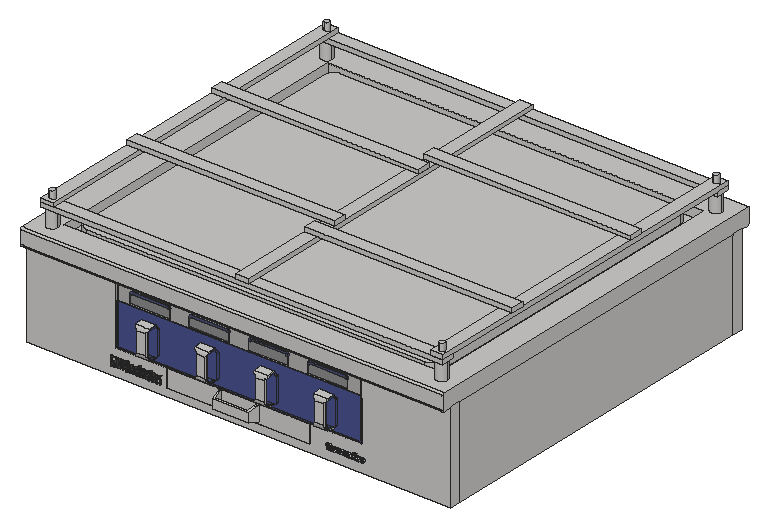
Revit family "QF_ELECTROLUXPROFESSIONAL_589872_MCLDAAJODM", category Specialty Equipment, Revit 2014
Parameters
  Weight in Pounds = 487.22
  URL Cutsheet = ""
  Type Mark [instance] = ""
  Specification by User [instance] = ""
  Specification by Manufacturer = ""
  Serial Number = ""
  Seismic Rating = ""
  SMACNA No = ""
  Revision Code [instance] = ""
  Omniclass Number and Title = ""
  NAFEM Spec ID Number = ""
  Model = "588557"
  Masterspec = ""
  Manufacturer = "Electrolux Professional"
  Item Number [instance] = ""
  Installed By [instance] = ""
  Identify Quantity as Lot [instance] = yes
  Furnished By [instance] = ""
  Foodservice Equipment Identifier [instance] = yes
  Description = ""
  CSI MasterFormat = ""
  CSI Master Format = ""
Reference planes
  plane 1 "BACK": y = 0
  plane 2: z = 0
  plane 3 "LEFT": x = 0
  plane 4 "RIGHT": x = 1000
  plane 5 "FRONT": y = -900
  plane 6 "TOP": z = 900
  plane 7 "Center (Left/Right)": x = 500
  plane 8: y = -425
  plane 9: y = -150
  plane 10: x = 55
  plane 11: x = 945
  plane 12: y = -60
  plane 13: y = -840
  plane 14 "EIx": x = 955
  plane 15 "EIy": y = -685
  plane 16: z = 938
  plane 17 "BaseTop": z = 650
  plane 18: y = -855
Forms (mm)
  Extrusion 1, solid, material "QF_Finishes_Stainless Steel"
    sketch origin (-178.969, -4572, 100) x (-1, 0, 0) y (0, -1, 0)
      loop
        line (-178.969, -4527) -> (-178.969, -3717) -> (-1178.969, -3717) -> (-1178.969, -4527) -> (-178.969, -4527)
    from 550 to 762.969
  Extrusion 2, solid, material "QF_Finishes_Stainless Steel"
    sketch origin (200, -50, 650) x (-1, 0, 0) y (0, -1, 0)
      loop
        circle (-755, 635) r 6.35
    from 0 to -11.851
  Extrusion 3, solid, material "QF_Finishes_Stainless Steel"
    sketch origin (500, 296.4, 1219.2) x (0, 1, 0) y (0, 0, 1)
      loop
        line (-296.4, -319.2) -> (-1191.4, -319.2)
        arc (-1191.4, -319.2) -> (-1194.935, -320.664) -> (-1196.4, -324.2) r 5
        line (-1196.4, -324.2) -> (-1196.4, -355.2)
        arc (-1196.4, -355.2) -> (-1194.971, -358.264) -> (-1191.705, -359.139) r 4
        line (-1191.705, -359.139) -> (-1176.4, -356.231) -> (-316.4, -356.231) -> (-301.094, -359.139)
        arc (-301.094, -359.139) -> (-297.829, -358.264) -> (-296.4, -355.2) r 4
        line (-296.4, -355.2) -> (-296.4, -319.2)
    from -500 to 500
  Extrusion 4, solid, material "QF_Finishes_Stainless Steel"
    sketch origin (0, 0, 900) x (-1, 0, 0) y (0, -1, 0)
      loop
        arc (-100, 80) -> (-85.858, 85.858) -> (-80, 100) r 20
        line (-80, 100) -> (-80, 810)
        arc (-80, 810) -> (-85.858, 824.142) -> (-100, 830) r 20
        line (-100, 830) -> (-900, 830)
        arc (-900, 830) -> (-914.142, 824.142) -> (-920, 810) r 20
        line (-920, 810) -> (-920, 100)
        arc (-920, 100) -> (-914.142, 85.858) -> (-900, 80) r 20
        line (-900, 80) -> (-100, 80)
    from 1 to -20
  Extrusion 5, void
    sketch origin (0, 0, 900) x (-1, 0, 0) y (0, -1, 0)
      loop
        line (-55, 840) -> (-945, 840) -> (-945, 60) -> (-55, 60) -> (-55, 840)
    from 0 to -25
  Extrusion 6, solid, material "QF_Finishes_Stainless Steel"
    sketch origin (500, 296.4, 1219.2) x (0, 1, 0) y (0, 0, 1)
      loop
        line (-341.4, -569.2) -> (-316.4, -569.2) -> (-316.4, -356.231) -> (-341.4, -356.231) -> (-341.4, -569.2)
    from -500 to 500
Cuts and joins
  Extrusion 5 cuts Extrusion 3
Lines and regions (mm)
  symbolic lines
    curve 1: line (0, 0, 100) -> (1000, 0, 100)
    curve 2: line (0, -900, 100) -> (0, 0, 100)
    curve 3: line (1000, -900, 100) -> (0, -900, 100)
    curve 4: line (1000, 0, 100) -> (1000, -900, 100)
    curve 5: arc (100, -80, 0) -> (85.858, -85.858, 0) -> (80, -100, 0) r 20
    curve 6: line (900, -80, 0) -> (515, -80, 0)
    curve 7: line (920, -810, 0) -> (920, -666, 0)
    curve 8: arc (920, -100, 0) -> (914.142, -85.858, 0) -> (900, -80, 0) r 20
    curve 9: line (80, -100, 0) -> (80, -336, 0)
    curve 10: arc (80, -810, 0) -> (85.858, -824.142, 0) -> (100, -830, 0) r 20
    curve 11: line (100, -830, 0) -> (485, -830, 0)
    curve 12: arc (900, -830, 0) -> (914.142, -824.142, 0) -> (920, -810, 0) r 20
    curve 13: line (80, -616, 0) -> (80, -810, 0)
    curve 14: line (80, -366, 0) -> (80, -586, 0)
    curve 15: line (515, -830, 0) -> (900, -830, 0)
    curve 16: line (920, -636, 0) -> (920, -316, 0)
    curve 17: line (920, -286, 0) -> (920, -100, 0)
    curve 18: line (485, -80, 0) -> (100, -80, 0)
Dimensions and locks
  plane 3 "LEFT" to plane 4 "RIGHT" = 1000 mm
  plane 5 "FRONT" to plane 1 "BACK" = 900 mm
  plane 3 "LEFT" to plane 7 "Center (Left/Right)" to plane 4 "RIGHT" = 500 mm, 500 mm
  plane 5 "FRONT" to plane 8 to plane 1 "BACK" = 475 mm, 425 mm
  plane 6 "TOP" to level = 900 mm  (x2)
  plane 1 "BACK" to plane 9 = 150 mm
  plane 1 "BACK" to Extrusion 2 = 685 mm
  locked: plane 14 "EIx" to plane 4 "RIGHT" at 45
  plane 15 "EIy" to plane 1 "BACK" = 685 mm
  plane 16 to plane 6 "TOP" = 38 mm
  plane 12 to plane 1 "BACK" = 60 mm
  plane 5 "FRONT" to plane 13 = 60 mm
  plane 3 "LEFT" to plane 10 = 55 mm
  plane 11 to plane 4 "RIGHT" = 55 mm
  locked: plane 6 "TOP" to plane 17 "BaseTop" at 250
  locked: plane 18 to plane 5 "FRONT" at 45
  aligned and locked: level to plane 2
  aligned and locked: cut or joined group of Extrusion 3, Extrusion 5 to plane 4 "RIGHT"
  aligned and locked: nested 1 to plane 18
  aligned and locked: Extrusion 1 to plane 18
  aligned and locked: plane 3 "LEFT" to nested 1
  aligned and locked: Extrusion 5 sketch curve to plane 10
  aligned and locked: Extrusion 5 sketch curve to plane 13
  aligned and locked: plane 11 to Extrusion 5 sketch curve
  aligned and locked: Extrusion 1 to plane 4 "RIGHT"
Nested families
  nested 1: "Front_Panel_W1000_Four Knobs" at (202.376, -855, 0), type "Front_Panel_W1000_Four Knobs"
  nested 2: "QF_ELECTROLUXPROFESSIONAL_MARINE1000x900_1" at (100, 0, 0), type "QF_ELECTROLUXPROFESSIONAL_MARINE1000x900_1"
    with Type Mark "", Specification by User "", Revision Code "", Item Number "", Installed By "", Identify Quantity as Lot yes, Furnished By "", Foodservice Equipment Identifier yes
Connectors
  electrical at (955, -685, 638.149)
    settings: on Extrusion 2, index 1, voltage 400 V, apparent load 33000 VA, apparent load phase1 0 VA, apparent load phase2 0 VA, apparent load phase3 0 VA, power factor 1, load classification "Other", number of poles 1, system type 30, power factor state 1, is connector primary yes, connector utility no, sub classification motor no, connector description "ELECTRICAL CONNECTION"
Definition of nested family "Front_Panel_W1000_Four Knobs"
  Reference planes
    plane 1 "Center (Front/Back)": y = 0
    plane 2: z = 0
    plane 3 "Center (Left/Right)": x = 297.624
    plane 4 "Left": x = -202.376
    plane 5 "Right": x = 797.624
    plane 6: y = -45
    plane 7: x = 87.624
    plane 8: x = 227.624
    plane 9: y = -310
    plane 10: y = -25
    plane 11: x = -2.376
    plane 12: x = 367.624
    plane 13: x = 507.624
    plane 14: x = 594.715
  Forms (mm)
    Extrusion 1, solid, material "QF_Finishes_Stainless Steel"
      sketch origin (833.217, 829.203, -1.25) x (0, 1, 0) y (0, 0, 1)
        loop
          line (-854.203, 651.25) -> (-829.203, 651.25) -> (-829.203, 864.25) -> (-854.203, 864.25) -> (-854.203, 651.25)
      from -1035.593 to -35.593
    Extrusion 2, void
      sketch origin (0, 0, 0) x (1, 0, 0) y (0, 0, 1)
        loop
          line (7.624, 853.866) -> (7.624, 711.866) -> (587.624, 711.866) -> (587.624, 853.866) -> (7.624, 853.866)
      from 19.387 to 33.951
    Extrusion 3, void
      sketch origin (0, 0, 0) x (1, 0, 0) y (0, 0, 1)
        loop
          line (128.624, 711.866) -> (128.624, 668.866) -> (466.624, 668.866) -> (466.624, 711.866) -> (128.624, 711.866)
      from 19.387 to 25
    Extrusion 4, solid, material "QF_Finishes_Stainless Steel"
      sketch origin (150, 0, 1) x (1, 0, 0) y (0, 0, 1)
        loop
          line (-21.376, 710.866) -> (-21.376, 667.866) -> (316.624, 667.866) -> (316.624, 710.866) -> (-21.376, 710.866)
      from 19.387 to 25
    Extrusion 5, solid, material "QF_Finishes_Stainless Steel"
      sketch origin (150, 0, 1) x (1, 0, 0) y (0, 1, 0)
        loop
          line (106.059, -25) -> (100.966, -25) -> (105.646, -49.075) -> (189.603, -49.075) -> (194.283, -25) -> (189.189, -25) -> (185.481, -44.075) -> (109.767, -44.075) -> (106.059, -25)
      from 672.593 to 705.67
    Extrusion 6, void
      sketch origin (297.624, 0, 1) x (0, 1, 0) y (0, 0, 1)
        loop
          line (-30, 705.67) -> (-30, 710.67) -> (-56.744, 710.67) -> (-56.744, 667.593) -> (-30, 667.593) -> (-30, 672.593) -> (-53.776, 680.318) -> (-53.776, 697.945) -> (-30, 705.67)
      from -50 to 50
    Extrusion 7, solid, material "QF_Door-Drawer Clearances", detail levels coarse
      sketch origin (150, -265, 1) x (1, 0, 0) y (0, 1, 0)
        loop
          line (106.164, -71.744) -> (189.084, -71.744) -> (194.283, -45) -> (316.624, -45) -> (316.624, 240) -> (-21.376, 240) -> (-21.376, -45) -> (100.966, -45) -> (106.164, -71.744)
      from 672.593 to 705.67
    Extrusion 8, void
      sketch origin (297.624, -280, 1) x (0, 1, 0) y (0, 0, 1)
        loop
          line (-30, 705.67) -> (-30, 710.67) -> (-56.744, 710.67) -> (-56.744, 667.593) -> (-30, 667.593) -> (-30, 672.593) -> (-53.776, 680.318) -> (-53.776, 697.945) -> (-30, 705.67)
      from -50 to 50
  Cuts and joins
    Extrusion 2, Extrusion 3 cuts Extrusion 1
    Extrusion 6 cuts Extrusion 5
    Extrusion 6, Extrusion 8 cuts Extrusion 7
  Lines and regions (mm)
    symbolic lines, style "SpecialityEquipmentHiddenLines"
      curve 1: line (128.624, -45, 0) -> (128.624, -310, 0)
      curve 2: line (128.624, -310, 0) -> (466.624, -310, 0)
      curve 3: line (466.624, -310, 0) -> (466.624, -45, 0)
      curve 4: line (128.624, -300, 0) -> (466.624, -300, 0)
      curve 5: line (250.908, -309.701, 0) -> (255.587, -333.776, 0)
      curve 6: line (255.587, -333.776, 0) -> (339.545, -333.776, 0)
      curve 7: line (339.545, -333.776, 0) -> (344.225, -309.701, 0)
      curve 8: line (256.001, -309.701, 0) -> (259.709, -328.776, 0)
      curve 9: line (259.709, -328.776, 0) -> (335.423, -328.776, 0)
      curve 10: line (335.423, -328.776, 0) -> (339.131, -309.701, 0)
  Dimensions and locks
    equal spacing: plane 5 "Right", plane 3 "Center (Left/Right)", plane 4 "Left"
    plane 5 "Right" to plane 4 "Left" = 1000 mm
    plane 3 "Center (Left/Right)" to plane 7 = 210 mm
    plane 3 "Center (Left/Right)" to plane 8 = 70 mm
    plane 6 to plane 9 = 265 mm
    plane 13 to plane 3 "Center (Left/Right)" = 210 mm
    plane 12 to plane 3 "Center (Left/Right)" = 70 mm
    aligned and locked: cut or joined group of Extrusion 1, Extrusion 2, Extrusion 3 to plane 4 "Left"
    aligned and locked: plane 5 "Right" to cut or joined group of Extrusion 1, Extrusion 2, Extrusion 3
    aligned and locked: plane 3 "Center (Left/Right)" to nested 2
    aligned and locked: cut or joined group of Extrusion 1, Extrusion 2, Extrusion 3 to nested 2
  Automatic sketch dimensions
    plane 7 to Extrusion 3 sketch curve = 41 mm
    plane 3 "Center (Left/Right)" to Extrusion 3 sketch curve = 169 mm
    level to Extrusion 3 sketch curve = 668.866 mm
    Extrusion 3 sketch curve to Extrusion 3 sketch curve = 43 mm
    Extrusion 1 sketch curve to plane 1 "Center (Front/Back)" = 0 mm
    level to Extrusion 1 sketch curve = 650 mm
    plane 4 "Left" to Extrusion 2 sketch curve = 210 mm
    Extrusion 2 sketch curve to plane 5 "Right" = 210 mm
    level to Extrusion 2 sketch curve = 711.866 mm
    Extrusion 2 sketch curve to Extrusion 2 sketch curve = 142 mm
    plane 6 to curve 1 = 0 mm
    plane 6 to curve 3 = 0 mm
    plane 9 to curve 1 = 0 mm
    plane 7 to curve 1 = 41 mm
    curve 1 to curve 4 = 10 mm
    Extrusion 1 sketch curve to plane 6 = 20 mm
    Extrusion 1 sketch curve to Extrusion 1 sketch curve = 213 mm
    plane 7 to Extrusion 4 sketch curve = 41 mm
    Extrusion 4 sketch curve to plane 13 = 41 mm
    level to Extrusion 4 sketch curve = 668.866 mm
    Extrusion 4 sketch curve to Extrusion 4 sketch curve = 43 mm
    plane 10 to Extrusion 5 sketch curve = 0 mm  (x2)
    plane 8 to Extrusion 5 sketch curve = 23.342 mm
    plane 6 to Extrusion 5 sketch curve = 4.075 mm
    Extrusion 5 sketch curve to Extrusion 5 sketch curve = 4.68 mm
    Extrusion 5 sketch curve to Extrusion 5 sketch curve = 5.094 mm  (x2)
    Extrusion 5 sketch curve to plane 6 = 0.925 mm
    Extrusion 5 sketch curve to Extrusion 5 sketch curve = 4.122 mm  (x2)
    Extrusion 5 sketch curve to plane 12 = 32.143 mm
    Extrusion 5 sketch curve to Extrusion 5 sketch curve = 3.708 mm
    plane 6 to Extrusion 6 sketch curve = 11.744 mm
    plane 6 to Extrusion 6 sketch curve = 8.776 mm
    plane 10 to Extrusion 6 sketch curve = 5 mm  (x2)
    level to Extrusion 6 sketch curve = 668.593 mm
    Extrusion 6 sketch curve to Extrusion 6 sketch curve = 5 mm
    Extrusion 6 sketch curve to Extrusion 6 sketch curve = 12.725 mm  (x2)
    Extrusion 6 sketch curve to Extrusion 6 sketch curve = 17.627 mm
    Extrusion 6 sketch curve to Extrusion 6 sketch curve = 7.725 mm
    plane 10 to Extrusion 7 sketch curve = 0 mm
    Extrusion 7 sketch curve to plane 9 = 0 mm  (x2)
    plane 7 to Extrusion 7 sketch curve = 41 mm
    plane 8 to Extrusion 7 sketch curve = 23.342 mm
    Extrusion 7 sketch curve to Extrusion 7 sketch curve = 5.199 mm
    Extrusion 7 sketch curve to plane 12 = 28.54 mm
    Extrusion 7 sketch curve to plane 12 = 23.342 mm
    Extrusion 7 sketch curve to plane 13 = 41 mm
    Extrusion 7 sketch curve to plane 9 = 26.744 mm
    Extrusion 8 sketch curve to plane 9 = 0 mm  (x2)
    Extrusion 8 sketch curve to plane 9 = 23.776 mm
    Extrusion 8 sketch curve to Extrusion 8 sketch curve = 2.968 mm
    level to Extrusion 8 sketch curve = 668.593 mm
    Extrusion 8 sketch curve to Extrusion 8 sketch curve = 5 mm
    Extrusion 8 sketch curve to Extrusion 8 sketch curve = 12.725 mm  (x2)
    Extrusion 8 sketch curve to Extrusion 8 sketch curve = 17.627 mm
    Extrusion 8 sketch curve to Extrusion 8 sketch curve = 7.725 mm
    curve 3 to plane 13 = 41 mm
    plane 9 to curve 5 = 0.299 mm
    plane 8 to curve 5 = 23.283 mm
    curve 5 to curve 5 = 4.68 mm
    plane 9 to curve 8 = 0.299 mm
    curve 5 to curve 8 = 5.094 mm
    curve 5 to curve 9 = 4.122 mm
    curve 9 to plane 12 = 32.201 mm
    plane 9 to curve 10 = 0.299 mm
    curve 9 to curve 10 = 3.708 mm
    curve 9 to curve 7 = 4.122 mm
    plane 9 to curve 7 = 0.299 mm
    curve 10 to curve 7 = 5.094 mm
    curve 9 to plane 9 = 18.776 mm
    curve 6 to curve 8 = 5 mm
  Nested families
    nested 1: "Range Control Handle" at (87.624, -28.137, -209.113) x (-1, 0, 0) z (0, 0, 1), type "Range Control Handle"
    nested 2: "Front glass control panel W1000" at (297.624, 280.644, 2.752), type "Front glass control panel W1000"
    nested 3: "Range Control Handle" at (227.624, -28.137, -209.113) x (-1, 0, 0) z (0, 0, 1), type "Range Control Handle"
    nested 4: "Range Control Handle" at (367.624, -28.137, -209.113), type "Range Control Handle"
    nested 5: "Range Control Handle" at (507.624, -28.137, -209.113), type "Range Control Handle"
    nested 6: "ELX_ThermaLine_Small" at (546.122, -25, 679.426) x (1, 0, 0) z (0, -1, 0), type "ELX_ThermaLine_Small"
      with Show Logo yes, Material_Logo QF_Finishes_Black
    nested 7: "ELX_Professional_Logo_Small" at (57.11, -25, 681.659) x (1, 0, 0) z (0, -1, 0), type "ELX_Professional_Logo_Small"
      with Show Logo yes, Material_Logo QF_Finishes_Black
  Definition of nested family "Range Control Handle"
    Reference planes
      plane 1 "Center (Front/Back)": y = 0
      plane 2: z = 0
      plane 3 "Center (Left/Right)": x = 0
      plane 4: z = 971.092
      plane 5: y = -16.9
    Forms (mm)
      Extrusion 1, solid, material "QF_Finishes_Electrolux Cyan"
        sketch origin (-746.28, 380.497, 208.931) x (-1, 0, 0) y (0, 0, 1)
          loop
            line (-770.101, 786.798) -> (-770.101, 731.649)
            arc (-770.101, 731.649) -> (-769.759, 730.563) -> (-768.855, 729.87) r 1.893
            line (-768.855, 729.87) -> (-763.474, 727.911) -> (-729.81, 727.911) -> (-724.428, 729.87)
            arc (-724.428, 729.87) -> (-723.525, 730.563) -> (-723.183, 731.649) r 1.893
            line (-723.183, 731.649) -> (-723.183, 786.798)
            arc (-723.183, 786.798) -> (-723.529, 787.894) -> (-724.44, 788.593) r 1.91
            line (-724.44, 788.593) -> (-729.683, 790.819) -> (-763.601, 790.819) -> (-768.844, 788.593)
            arc (-768.844, 788.593) -> (-769.755, 787.894) -> (-770.101, 786.798) r 1.91
        from -382.35 to -378.852
      Sweep 2, solid, material "QF_Finishes_Electrolux Cyan"
        path origin (-746.788, 380.496, 208.091) x (0, -1, 0) y (0, 0, 1)
          loop
            line (379.775, 793.281) -> (395.661, 791.048)
            arc (395.661, 791.048) -> (397.781, 787.377) -> (398.517, 783.202) r 12.207
            line (398.517, 783.202) -> (398.517, 737.368)
            arc (398.517, 737.368) -> (397.781, 733.193) -> (395.661, 729.522) r 12.207
            line (395.661, 729.522) -> (379.775, 727.289)
        profile origin (-746.788, -7.222, 1000.256) x (0, -0.139173, 0.990268) y (-1, 0, 0)
          loop
            line (0.782, -763.123) -> (0.782, -730.907) -> (-1.322, -730.907) -> (-1.322, -763.123) -> (0.782, -763.123)
      Sweep 3, solid, material "QF_Finishes_Stainless Steel"
        path origin (-746.788, 380.715, 207.832) x (0, -1, 0) y (0, 0, 1)
          loop
            line (380.478, 795.442) -> (397.218, 793.09)
            arc (397.218, 793.09) -> (399.929, 788.473) -> (400.871, 783.202) r 15.207
            line (400.871, 783.202) -> (400.871, 737.584)
            arc (400.871, 737.584) -> (399.914, 732.274) -> (397.164, 727.633) r 15.207
            line (397.164, 727.633) -> (380.601, 725.305)
        profile origin (-746.788, -8.132, 1002.099) x (0, -0.139173, 0.990268) y (-1, 0, 0)
          loop
            line (0.782, -763.123) -> (0.782, -730.907) -> (-1.322, -730.907) -> (-1.322, -763.123) -> (0.782, -763.123)
      Extrusion 4, void
        sketch origin (889.253, 220.666, 207.993) x (1, 0, 0) y (0, 0, 1)
          loop
            line (-943.038, 816.854) -> (-943.038, 703.686) -> (-899.466, 734.196) -> (-899.466, 786.344) -> (-943.038, 816.854)
        from 230.636 to 242.25
      Extrusion 5, void
        sketch origin (-888.8, 220.666, 207.993) x (-1, 0, 0) y (0, 0, -1)
          loop
            line (-943.038, -816.854) -> (-899.466, -786.344) -> (-899.466, -734.196) -> (-943.038, -703.686) -> (-943.038, -816.854)
        from 230.636 to 242.25
      Extrusion 6, solid, material "QF_Finishes_Electrolux Cyan"
        sketch origin (0, 0, 0) x (1, 0, 0) y (0, 0, 1)
          loop
            circle (0, 971.092) r 7.736
        from -3.137 to -1.645
    Cuts and joins
      Extrusion 4, Extrusion 5 cuts Sweep 3
      Extrusion 4, Extrusion 5 cuts Sweep 2
      joined: Extrusion 1, Extrusion 6
    Lines and regions (mm)
      symbolic lines
        curve 1: line (16.334, -16.9, 0) -> (16.334, -19.227, 0)
        curve 2: spline (16.334, -19.227, 0) -> (15.87, -19.385, 0) -> (15.404, -19.536, 0) -> (14.936, -19.678, 0) -> (14.466, -19.813, 0) -> (13.995, -19.94, 0) -> (13.523, -20.059, 0) -> (13.049, -20.171, 0) -> (12.575, -20.274, 0) -> (12.099, -20.37, 0) -> (11.622, -20.458, 0) -> (11.144, -20.537, 0) -> (10.666, -20.609, 0)
        curve 3: line (10.666, -16.9, 0) -> (10.666, -20.938, 0)
        curve 4: line (-10.213, -20.938, 0) -> (10.666, -20.938, 0)
        curve 5: line (-10.213, -20.938, 0) -> (-10.213, -16.9, 0)
        curve 6: spline (-10.213, -20.609, 0) -> (-10.691, -20.537, 0) -> (-11.169, -20.458, 0) -> (-11.646, -20.37, 0) -> (-12.122, -20.274, 0) -> (-12.597, -20.171, 0) -> (-13.07, -20.059, 0) -> (-13.542, -19.94, 0) -> (-14.013, -19.813, 0) -> (-14.483, -19.678, 0) -> (-14.951, -19.536, 0) -> (-15.417, -19.385, 0) -> (-15.881, -19.227, 0)
        curve 7: line (-15.881, -19.227, 0) -> (-15.881, -16.9, 0)
  Definition of nested family "Front glass control panel W1000"
    Reference planes
      plane 1 "Center (Front/Back)": y = 0
      plane 2: z = 0
      plane 3 "Center (Left/Right)": x = 0
    Forms (mm)
      Extrusion 1, solid, material "QF_Finishes_Electrolux Cyan"
        sketch origin (378.286, 0, 0.617) x (1, 0, 0) y (0, 0, 1)
          loop
            line (-668.286, 806.791) -> (-668.286, 708.497) -> (-88.286, 708.497) -> (-88.286, 806.791) -> (-668.286, 806.791)
        from 300.031 to 304.8
      Extrusion 2, solid, material "QF_Finishes_Electrolux_Black"
        sketch origin (378.286, 0, 0.617) x (1, 0, 0) y (0, 0, 1)
          loop
            line (-668.286, 850.497) -> (-668.286, 806.791) -> (-88.286, 806.791) -> (-88.286, 850.497) -> (-668.286, 850.497)
        from 300.031 to 304.8
      Extrusion 3, void
        sketch origin (378.286, 0, 0.617) x (1, 0, 0) y (0, 0, 1)
          loop
            line (-665.628, 847.565) -> (-665.628, 710.699) -> (-91.196, 710.699) -> (-91.196, 847.565) -> (-665.628, 847.565)
        from 303.697 to 304.8
      Extrusion 4, solid, material "QF_Finishes_Electrolux_Black Smoke Iluminated"
        sketch origin (-378.333, 1.101, -0.633) x (-1, 0, 0) y (0, 0, -1)
          loop
            line (-261.431, -812.62) -> (-355.186, -812.62) -> (-355.186, -834.177) -> (-350.269, -834.177) -> (-348.469, -835.977) -> (-268.039, -835.977) -> (-266.24, -834.177) -> (-261.431, -834.177) -> (-261.431, -812.62)
        from 304.798 to 306.745
      Extrusion 5, solid, material "QF_Finishes_Electrolux_Royal Blue Illuminated"
        sketch origin (-378.333, 1.101, -0.633) x (-1, 0, 0) y (0, 0, -1)
          loop
            line (-350.269, -834.177) -> (-355.078, -834.177)
            arc (-355.078, -834.177) -> (-353.942, -838.747) -> (-349.686, -840.763) r 5.5
            line (-349.686, -840.763) -> (-266.98, -840.763)
            arc (-266.98, -840.763) -> (-262.706, -838.752) -> (-261.529, -834.177) r 5.549
            line (-261.529, -834.177) -> (-266.24, -834.177) -> (-268.039, -835.977) -> (-348.469, -835.977) -> (-350.269, -834.177)
        from 304.798 to 306.745
      Extrusion 6, solid, material "QF_Finishes_Electrolux_Black Smoke Iluminated"
        sketch origin (-518.333, 1.101, -0.633) x (-1, 0, 0) y (0, 0, -1)
          loop
            line (-261.431, -812.62) -> (-355.186, -812.62) -> (-355.186, -834.177) -> (-350.269, -834.177) -> (-348.469, -835.977) -> (-268.039, -835.977) -> (-266.24, -834.177) -> (-261.431, -834.177) -> (-261.431, -812.62)
        from 304.798 to 306.745
      Extrusion 7, solid, material "QF_Finishes_Electrolux_Royal Blue Illuminated"
        sketch origin (-518.333, 1.101, -0.633) x (-1, 0, 0) y (0, 0, -1)
          loop
            line (-350.269, -834.177) -> (-355.078, -834.177)
            arc (-355.078, -834.177) -> (-353.942, -838.747) -> (-349.686, -840.763) r 5.5
            line (-349.686, -840.763) -> (-266.98, -840.763)
            arc (-266.98, -840.763) -> (-262.706, -838.752) -> (-261.529, -834.177) r 5.549
            line (-261.529, -834.177) -> (-266.24, -834.177) -> (-268.039, -835.977) -> (-348.469, -835.977) -> (-350.269, -834.177)
        from 304.798 to 306.745
      Extrusion 8, solid, material "QF_Finishes_Electrolux_Black Smoke Iluminated"
        sketch origin (378.333, 1.101, -0.633) x (1, 0, 0) y (0, 0, 1)
          loop
            line (-261.431, 812.62) -> (-261.431, 834.177) -> (-266.24, 834.177) -> (-268.039, 835.977) -> (-348.469, 835.977) -> (-350.269, 834.177) -> (-355.186, 834.177) -> (-355.186, 812.62) -> (-261.431, 812.62)
        from 304.798 to 306.745
      Extrusion 9, solid, material "QF_Finishes_Electrolux_Royal Blue Illuminated"
        sketch origin (378.333, 1.101, -0.633) x (1, 0, 0) y (0, 0, 1)
          loop
            line (-350.269, 834.177) -> (-348.469, 835.977) -> (-268.039, 835.977) -> (-266.24, 834.177) -> (-261.529, 834.177)
            arc (-261.529, 834.177) -> (-262.706, 838.752) -> (-266.98, 840.763) r 5.549
            line (-266.98, 840.763) -> (-349.686, 840.763)
            arc (-349.686, 840.763) -> (-353.942, 838.747) -> (-355.078, 834.177) r 5.5
            line (-355.078, 834.177) -> (-350.269, 834.177)
        from 304.798 to 306.745
      Extrusion 10, solid, material "QF_Finishes_Electrolux_Black Smoke Iluminated"
        sketch origin (518.333, 1.101, -0.633) x (1, 0, 0) y (0, 0, 1)
          loop
            line (-261.431, 812.62) -> (-261.431, 834.177) -> (-266.24, 834.177) -> (-268.039, 835.977) -> (-348.469, 835.977) -> (-350.269, 834.177) -> (-355.186, 834.177) -> (-355.186, 812.62) -> (-261.431, 812.62)
        from 304.798 to 306.745
      Extrusion 11, solid, material "QF_Finishes_Electrolux_Royal Blue Illuminated"
        sketch origin (518.333, 1.101, -0.633) x (1, 0, 0) y (0, 0, 1)
          loop
            line (-350.269, 834.177) -> (-348.469, 835.977) -> (-268.039, 835.977) -> (-266.24, 834.177) -> (-261.529, 834.177)
            arc (-261.529, 834.177) -> (-262.706, 838.752) -> (-266.98, 840.763) r 5.549
            line (-266.98, 840.763) -> (-349.686, 840.763)
            arc (-349.686, 840.763) -> (-353.942, 838.747) -> (-355.078, 834.177) r 5.5
            line (-355.078, 834.177) -> (-350.269, 834.177)
        from 304.798 to 306.745
    Cuts and joins
      Extrusion 3 cuts Extrusion 1
      Extrusion 3 cuts Extrusion 2
    Dimensions and locks
      aligned and locked: Extrusion 1 to Extrusion 2
      aligned and locked: Extrusion 5 sketch curve to Extrusion 4  (x5)
      aligned and locked: Extrusion 5 to Extrusion 4
      aligned and locked: Extrusion 7 sketch curve to Extrusion 6  (x5)
      aligned and locked: Extrusion 7 to Extrusion 6
      aligned and locked: Extrusion 9 sketch curve to Extrusion 8  (x4)
      aligned and locked: Extrusion 8 to Extrusion 9 sketch curve
      aligned and locked: Extrusion 9 to Extrusion 8
      aligned and locked: Extrusion 11 sketch curve to Extrusion 10  (x4)
      aligned and locked: Extrusion 10 to Extrusion 11 sketch curve
      aligned and locked: Extrusion 11 to Extrusion 10
  Definition of nested family "ELX_ThermaLine_Small"
    Parameters (values of type "ELX_ThermaLine_Small")
      Show Logo [instance] = yes
      Material_Logo [instance] = QF_Finishes_Black
      Default Elevation = 0 mm
    Reference planes
      plane 1 "Centro (Fronte/Retro)": y = 0
      plane 2: z = 0
      plane 3 "Centro (Sinistra/Destra)": x = 0
    Forms (mm)
      Extrusion 1, solid
        sketch origin (0, 0, 0) x (1, 0, 0) y (0, 1, 0)
          loop
            line (-1219.2, 1219.2) -> (-1219.2, -1219.2) -> (1219.2, -1219.2) -> (1219.2, 1219.2) -> (-1219.2, 1219.2)
        from 0 to -304.8
      Extrusion 2, solid, material "QF_Finishes_White"
        sketch origin (0, 0, 0) x (1, 0, 0) y (0, 1, 0)
          loop
            line (-37.494, 1.229) -> (-35.908, 1.229) -> (-35.908, 3.066) -> (-37.494, 3.066) -> (-37.494, 6.221) -> (-39.867, 4.881) -> (-39.867, 3.066) -> (-40.969, 3.066) -> (-40.969, 1.229) -> (-39.867, 1.229) -> (-39.867, -3.407)
            arc (-39.867, -3.407) -> (-38.982, -5.513) -> (-36.751, -6.001) r 2.478
            line (-36.751, -6.001) -> (-35.638, -5.7) -> (-35.9, -3.835) -> (-36.661, -4.039)
            arc (-36.661, -4.039) -> (-37.236, -3.924) -> (-37.494, -3.399) r 0.662
            line (-37.494, -3.399) -> (-37.494, 1.229)
          loop
            line (-34.242, 6.539) -> (-34.242, -5.848) -> (-31.854, -5.848) -> (-31.854, -0.078)
            arc (-31.854, -0.078) -> (-30.939, 1.249) -> (-29.33, 1.367) r 1.866
            arc (-29.33, 1.367) -> (-28.695, 0.768) -> (-28.461, -0.073) r 1.627
            line (-28.461, -0.073) -> (-28.461, -5.848) -> (-26.086, -5.848) -> (-26.064, -0.46)
            arc (-26.064, -0.46) -> (-26.261, 0.932) -> (-26.786, 2.237) r 5.825
            arc (-26.786, 2.237) -> (-29.381, 3.264) -> (-31.854, 1.971) r 3.353
            line (-31.854, 1.971) -> (-31.854, 6.539) -> (-34.242, 6.539)
          loop
            arc (-18.398, -0.598) -> (-18.893, 0.879) -> (-20.326, 1.487) r 1.897
            arc (-20.326, 1.487) -> (-21.461, 0.708) -> (-21.897, -0.598) r 2.164
            line (-21.897, -0.598) -> (-18.398, -0.598)
          loop
            arc (-16.021, -2.044) -> (-16.754, 1.227) -> (-19.444, 3.226) r 4.814
            arc (-19.444, 3.226) -> (-22.137, 2.788) -> (-23.943, 0.743) r 4.054
            arc (-23.943, 0.743) -> (-24.382, -1.249) -> (-24.162, -3.276) r 6.289
            arc (-24.162, -3.276) -> (-23.302, -4.71) -> (-21.958, -5.705) r 4.28
            arc (-21.958, -5.705) -> (-18.558, -5.814) -> (-16.152, -3.409) r 4.28
            line (-16.152, -3.409) -> (-18.5, -2.995)
            arc (-18.5, -2.995) -> (-19.273, -3.994) -> (-20.533, -4.076) r 1.536
            arc (-20.533, -4.076) -> (-21.56, -3.281) -> (-21.958, -2.044) r 2.197
            line (-21.958, -2.044) -> (-16.021, -2.044)
          loop
            line (-14.165, -5.848) -> (-11.819, -5.848) -> (-11.819, -2.138)
            arc (-11.819, -2.138) -> (-11.787, -1.156) -> (-11.637, -0.185) r 8.18
            arc (-11.637, -0.185) -> (-10.644, 0.972) -> (-9.132, 0.776) r 1.603
            line (-9.132, 0.776) -> (-8.419, 2.846)
            arc (-8.419, 2.846) -> (-10.432, 3.118) -> (-11.994, 1.821) r 2.527
            line (-11.994, 1.821) -> (-11.994, 3.094) -> (-14.165, 3.094) -> (-14.165, -5.848)
          loop
            line (-7.579, 3.094) -> (-7.579, -5.848) -> (-5.178, -5.848) -> (-5.178, -0.756)
            arc (-5.178, -0.756) -> (-4.727, 0.679) -> (-3.417, 1.419) r 2.05
            arc (-3.417, 1.419) -> (-2.499, 0.908) -> (-2.155, -0.085) r 1.471
            line (-2.155, -0.085) -> (-2.155, -5.848) -> (0.23, -5.848) -> (0.23, -1.001)
            arc (0.23, -1.001) -> (0.47, 0.127) -> (1.148, 1.061) r 2.775
            arc (1.148, 1.061) -> (2.225, 1.329) -> (3.05, 0.587) r 1.182
            arc (3.05, 0.587) -> (3.199, -0.019) -> (3.214, -0.642) r 2.894
            line (3.214, -0.642) -> (3.214, -5.848) -> (5.601, -5.848) -> (5.601, 0.261)
            arc (5.601, 0.261) -> (4.87, 2.263) -> (2.976, 3.241) r 2.932
            arc (2.976, 3.241) -> (1.284, 2.973) -> (-0.047, 1.896) r 3.309
            arc (-0.047, 1.896) -> (-1.116, 2.865) -> (-2.506, 3.258) r 3.16
            arc (-2.506, 3.258) -> (-4.105, 2.942) -> (-5.376, 1.92) r 3.419
            line (-5.376, 1.92) -> (-5.376, 3.094) -> (-7.579, 3.094)
          loop
            line (7.583, 0.738) -> (9.702, 0.364)
            arc (9.702, 0.364) -> (11.441, 1.492) -> (12.855, -0.023) r 1.613
            line (12.855, -0.023) -> (9.782, -0.789)
            arc (9.782, -0.789) -> (8.559, -1.346) -> (7.617, -2.305) r 3.687
            arc (7.617, -2.305) -> (7.499, -3.681) -> (7.901, -5.003) r 3.651
            arc (7.901, -5.003) -> (9.107, -5.766) -> (10.515, -6.006) r 3.635
            arc (10.515, -6.006) -> (11.898, -5.697) -> (13.067, -4.895) r 3.734
            line (13.067, -4.895) -> (13.376, -5.848) -> (15.75, -5.848) -> (15.212, -4.193) -> (15.212, 0.38)
            arc (15.212, 0.38) -> (14.897, 1.849) -> (13.818, 2.895) r 2.585
            arc (13.818, 2.895) -> (11.792, 3.442) -> (9.719, 3.11) r 5.005
            arc (9.719, 3.11) -> (8.369, 2.178) -> (7.583, 0.738) r 3.54
          loop
            line (19.723, -5.848) -> (22.233, -5.848) -> (24.854, 6.484) -> (22.345, 6.484) -> (19.723, -5.848)
          loop
            line (24.583, -5.848) -> (26.953, -5.848) -> (28.848, 3.066) -> (26.478, 3.066) -> (24.583, -5.848)
          loop
            line (27.204, 6.484) -> (26.741, 4.305) -> (29.111, 4.305) -> (29.575, 6.484) -> (27.204, 6.484)
          loop
            line (29.355, -5.848) -> (31.849, -5.848) -> (33.098, 0.028)
            arc (33.098, 0.028) -> (34.169, 1.306) -> (35.832, 1.422) r 2.132
            arc (35.832, 1.422) -> (36.324, 0.752) -> (36.383, -0.078) r 1.5
            line (36.383, -0.078) -> (35.157, -5.848) -> (37.536, -5.848) -> (38.936, 0.738)
            arc (38.936, 0.738) -> (38.775, 2.091) -> (37.825, 3.066) r 2.118
            arc (37.825, 3.066) -> (35.392, 3.175) -> (33.295, 1.937) r 4.271
            line (33.295, 1.937) -> (33.535, 3.066) -> (31.25, 3.066) -> (29.355, -5.848)
          loop
            line (42.792, -0.64) -> (46.589, -0.64)
            arc (46.589, -0.64) -> (46.639, 0.124) -> (46.327, 0.823) r 1.589
            arc (46.327, 0.823) -> (45.117, 1.521) -> (43.762, 1.183) r 1.865
            arc (43.762, 1.183) -> (43.141, 0.344) -> (42.792, -0.64) r 3.538
          loop
            line (42.565, -2.138) -> (48.593, -2.138)
            arc (48.593, -2.138) -> (48.58, 0.597) -> (46.983, 2.818) r 4.494
            arc (46.983, 2.818) -> (44.191, 3.28) -> (41.725, 1.891) r 4.26
            arc (41.725, 1.891) -> (40.503, -0.3) -> (40.284, -2.799) r 6.003
            arc (40.284, -2.799) -> (40.959, -4.468) -> (42.377, -5.576) r 3.482
            arc (42.377, -5.576) -> (44.265, -5.961) -> (46.152, -5.576) r 4.823
            arc (46.152, -5.576) -> (47.432, -4.731) -> (48.328, -3.485) r 4.245
            line (48.328, -3.485) -> (46.168, -3.105)
            arc (46.168, -3.105) -> (45.214, -4.072) -> (43.859, -4.181) r 1.953
            arc (43.859, -4.181) -> (42.821, -3.408) -> (42.565, -2.138) r 1.81
          loop
            line (12.868, -1.553) -> (10.216, -2.214)
            arc (10.216, -2.214) -> (9.747, -3.136) -> (10.216, -4.058) r 1.14
            arc (10.216, -4.058) -> (11.537, -4.249) -> (12.614, -3.46) r 1.763
            arc (12.614, -3.46) -> (12.858, -2.522) -> (12.868, -1.553) r 3.97
        from 0 to 1.6
    Dimensions and locks
      aligned and locked: plane 2 to Extrusion 1
      aligned and locked: level to Extrusion 1
  Definition of nested family "ELX_Professional_Logo_Small"
    Parameters (values of type "ELX_Professional_Logo_Small")
      Show Logo [instance] = yes
      Material_Logo [instance] = QF_Finishes_Black
      Default Elevation = 0 mm
    Reference planes
      plane 1 "Centro (Fronte/Retro)": y = 0
      plane 2: z = 0
      plane 3 "Centro (Sinistra/Destra)": x = 0
    Forms (mm)
      Extrusion 1, solid
        sketch origin (0, 0, 0) x (1, 0, 0) y (0, 1, 0)
          loop
            line (-1219.2, 1219.2) -> (-1219.2, -1219.2) -> (1219.2, -1219.2) -> (1219.2, 1219.2) -> (-1219.2, 1219.2)
        from 0 to -304.8
      Extrusion 2, solid, material "QF_Finishes_Black" <- "Material_Logo"
        sketch origin (15.5, 0, 0) x (1, 0, 0) y (0, 1, 0)
          loop
            spline (-42.99, -1.24) -> (-43.195, -1.231) -> (-43.415, -1.203) -> (-43.642, -1.152) -> (-43.87, -1.074) -> (-44.095, -0.966) -> (-44.309, -0.825) -> (-44.506, -0.647) -> (-44.681, -0.429) -> (-44.828, -0.167) -> (-44.94, 0.142) -> (-45.011, 0.501) -> (-45.037, 0.915)
            line (-45.037, 0.915) -> (-45.037, 2.748) -> (-38.984, 2.748) -> (-38.984, 5.086) -> (-45.038, 5.086) -> (-45.038, 8.489) -> (-38.599, 8.489) -> (-38.599, 10.82) -> (-47.515, 10.82) -> (-47.515, 1.021)
            spline (-47.515, 1.021) -> (-47.493, 0.418) -> (-47.425, -0.15) -> (-47.311, -0.682) -> (-47.15, -1.175) -> (-46.939, -1.628) -> (-46.678, -2.038) -> (-46.365, -2.404) -> (-46, -2.723) -> (-45.58, -2.995) -> (-45.105, -3.216) -> (-44.573, -3.385) -> (-43.983, -3.499)
            line (-43.983, -3.499) -> (-43.01, -3.569) -> (-38.426, -3.569) -> (-38.426, -1.24) -> (-42.99, -1.24)
          loop
            line (-36.666, 4.021) -> (-36.666, -3.573) -> (-34.188, -3.573) -> (-34.188, 10.824) -> (-36.666, 10.824) -> (-36.666, 4.021)
          loop
            spline (-21.915, 1.897) -> (-21.957, 2.615) -> (-22.082, 3.303) -> (-22.285, 3.955) -> (-22.563, 4.564) -> (-22.913, 5.124) -> (-23.331, 5.629) -> (-23.814, 6.074) -> (-24.359, 6.451) -> (-24.961, 6.755) -> (-25.618, 6.98) -> (-26.326, 7.119) -> (-27.081, 7.167)
            spline (-27.081, 7.167) -> (-27.853, 7.122) -> (-28.586, 6.99) -> (-29.275, 6.774) -> (-29.915, 6.478) -> (-30.5, 6.104) -> (-31.024, 5.657) -> (-31.483, 5.138) -> (-31.871, 4.553) -> (-32.182, 3.904) -> (-32.411, 3.194) -> (-32.552, 2.427) -> (-32.6, 1.606)
            spline (-32.6, 1.606) -> (-32.553, 0.805) -> (-32.416, 0.057) -> (-32.193, -0.637) -> (-31.887, -1.271) -> (-31.504, -1.843) -> (-31.048, -2.35) -> (-30.523, -2.788) -> (-29.934, -3.154) -> (-29.284, -3.444) -> (-28.579, -3.656) -> (-27.822, -3.785) -> (-27.019, -3.829)
            spline (-27.019, -3.829) -> (-26.627, -3.82) -> (-26.239, -3.79) -> (-25.856, -3.739) -> (-25.477, -3.663) -> (-25.103, -3.562) -> (-24.734, -3.432) -> (-24.369, -3.273) -> (-24.01, -3.082) -> (-23.655, -2.858) -> (-23.305, -2.597) -> (-22.96, -2.299) -> (-22.621, -1.962)
            line (-22.621, -1.962) -> (-24.114, -0.509)
            spline (-24.114, -0.509) -> (-24.311, -0.699) -> (-24.509, -0.872) -> (-24.71, -1.03) -> (-24.915, -1.172) -> (-25.126, -1.297) -> (-25.346, -1.407) -> (-25.576, -1.5) -> (-25.817, -1.576) -> (-26.072, -1.636) -> (-26.342, -1.678) -> (-26.629, -1.704) -> (-26.936, -1.713)
            spline (-26.936, -1.713) -> (-27.384, -1.691) -> (-27.805, -1.625) -> (-28.196, -1.518) -> (-28.556, -1.372) -> (-28.882, -1.187) -> (-29.174, -0.966) -> (-29.429, -0.71) -> (-29.645, -0.422) -> (-29.821, -0.102) -> (-29.955, 0.247) -> (-30.045, 0.623) -> (-30.089, 1.026)
            line (-30.089, 1.026) -> (-21.956, 1.026) -> (-21.915, 1.897)
          loop
            spline (-24.446, 2.769) -> (-24.47, 3.075) -> (-24.54, 3.37) -> (-24.654, 3.65) -> (-24.807, 3.913) -> (-24.996, 4.156) -> (-25.219, 4.376) -> (-25.472, 4.57) -> (-25.753, 4.736) -> (-26.057, 4.869) -> (-26.382, 4.968) -> (-26.724, 5.03) -> (-27.081, 5.051)
            spline (-27.081, 5.051) -> (-27.464, 5.03) -> (-27.832, 4.97) -> (-28.183, 4.872) -> (-28.513, 4.74) -> (-28.819, 4.577) -> (-29.099, 4.384) -> (-29.347, 4.165) -> (-29.563, 3.923) -> (-29.742, 3.659) -> (-29.881, 3.377) -> (-29.977, 3.079) -> (-30.027, 2.769)
            line (-30.027, 2.769) -> (-24.446, 2.769)
          loop
            spline (-18.167, 1.669) -> (-18.138, 2.13) -> (-18.055, 2.567) -> (-17.921, 2.978) -> (-17.739, 3.358) -> (-17.512, 3.705) -> (-17.243, 4.016) -> (-16.937, 4.287) -> (-16.596, 4.517) -> (-16.223, 4.7) -> (-15.823, 4.835) -> (-15.398, 4.919) -> (-14.951, 4.947)
            spline (-14.951, 4.947) -> (-14.677, 4.938) -> (-14.414, 4.913) -> (-14.162, 4.871) -> (-13.921, 4.812) -> (-13.69, 4.738) -> (-13.467, 4.649) -> (-13.254, 4.544) -> (-13.048, 4.424) -> (-12.85, 4.291) -> (-12.659, 4.143) -> (-12.474, 3.981) -> (-12.295, 3.806)
            line (-12.295, 3.806) -> (-10.76, 5.403)
            spline (-10.76, 5.403) -> (-11.065, 5.709) -> (-11.38, 5.984) -> (-11.703, 6.228) -> (-12.035, 6.443) -> (-12.375, 6.63) -> (-12.723, 6.788) -> (-13.078, 6.92) -> (-13.44, 7.026) -> (-13.809, 7.107) -> (-14.184, 7.164) -> (-14.564, 7.198) -> (-14.951, 7.209)
            spline (-14.951, 7.209) -> (-15.725, 7.161) -> (-16.467, 7.02) -> (-17.169, 6.792) -> (-17.826, 6.482) -> (-18.43, 6.096) -> (-18.976, 5.637) -> (-19.455, 5.112) -> (-19.862, 4.525) -> (-20.19, 3.882) -> (-20.433, 3.189) -> (-20.584, 2.449) -> (-20.635, 1.669)
            spline (-20.635, 1.669) -> (-20.584, 0.889) -> (-20.433, 0.149) -> (-20.19, -0.545) -> (-19.862, -1.187) -> (-19.455, -1.774) -> (-18.976, -2.299) -> (-18.43, -2.758) -> (-17.826, -3.145) -> (-17.169, -3.454) -> (-16.467, -3.682) -> (-15.725, -3.823) -> (-14.951, -3.871)
            spline (-14.951, -3.871) -> (-14.564, -3.86) -> (-14.184, -3.826) -> (-13.809, -3.77) -> (-13.44, -3.689) -> (-13.078, -3.583) -> (-12.723, -3.451) -> (-12.375, -3.292) -> (-12.035, -3.105) -> (-11.703, -2.89) -> (-11.38, -2.646) -> (-11.065, -2.371) -> (-10.76, -2.066)
            line (-10.76, -2.066) -> (-12.295, -0.468)
            spline (-12.295, -0.468) -> (-12.474, -0.643) -> (-12.659, -0.805) -> (-12.85, -0.953) -> (-13.048, -1.087) -> (-13.254, -1.206) -> (-13.467, -1.311) -> (-13.69, -1.4) -> (-13.921, -1.475) -> (-14.162, -1.533) -> (-14.414, -1.575) -> (-14.677, -1.6) -> (-14.951, -1.609)
            spline (-14.951, -1.609) -> (-15.398, -1.581) -> (-15.823, -1.497) -> (-16.223, -1.362) -> (-16.596, -1.179) -> (-16.937, -0.95) -> (-17.243, -0.678) -> (-17.512, -0.367) -> (-17.739, -0.02) -> (-17.921, 0.36) -> (-18.055, 0.771) -> (-18.138, 1.208) -> (-18.167, 1.669)
          loop
            spline (-4.441, -1.243) -> (-4.659, -1.247) -> (-4.894, -1.23) -> (-5.137, -1.19) -> (-5.384, -1.121) -> (-5.628, -1.021) -> (-5.864, -0.884) -> (-6.084, -0.708) -> (-6.283, -0.488) -> (-6.454, -0.219) -> (-6.592, 0.101) -> (-6.69, 0.478) -> (-6.742, 0.914)
            line (-6.742, 0.914) -> (-6.742, 4.587) -> (-4.487, 4.587) -> (-4.487, 6.838) -> (-6.738, 6.838) -> (-6.738, 10.824) -> (-9.217, 10.824) -> (-9.217, 0.773)
            spline (-9.217, 0.773) -> (-9.164, 0.19) -> (-9.068, -0.358) -> (-8.928, -0.87) -> (-8.742, -1.343) -> (-8.511, -1.777) -> (-8.232, -2.168) -> (-7.904, -2.515) -> (-7.527, -2.816) -> (-7.098, -3.069) -> (-6.618, -3.273) -> (-6.084, -3.426) -> (-5.496, -3.525)
            line (-5.496, -3.525) -> (-4.45, -3.573) -> (-4.441, -1.243)
          loop
            spline (3.898, 6.983) -> (3.469, 7.009) -> (3.056, 7.001) -> (2.661, 6.961) -> (2.283, 6.888) -> (1.925, 6.785) -> (1.588, 6.652) -> (1.272, 6.49) -> (0.979, 6.301) -> (0.71, 6.085) -> (0.465, 5.844) -> (0.247, 5.578) -> (0.056, 5.289)
            line (0.056, 5.289) -> (0.056, 6.838) -> (-2.402, 6.838) -> (-2.402, -3.572) -> (0.056, -3.572) -> (0.056, 1.901)
            spline (0.056, 1.901) -> (0.079, 2.316) -> (0.145, 2.703) -> (0.254, 3.06) -> (0.404, 3.386) -> (0.592, 3.679) -> (0.818, 3.938) -> (1.08, 4.162) -> (1.375, 4.348) -> (1.703, 4.495) -> (2.062, 4.602) -> (2.45, 4.668) -> (2.865, 4.69)
            line (2.865, 4.69) -> (3.898, 4.586) -> (3.898, 6.983)
          loop
            spline (15.638, 1.633) -> (15.586, 2.396) -> (15.435, 3.124) -> (15.192, 3.81) -> (14.863, 4.449) -> (14.455, 5.034) -> (13.975, 5.56) -> (13.43, 6.021) -> (12.826, 6.411) -> (12.17, 6.724) -> (11.469, 6.955) -> (10.729, 7.098) -> (9.958, 7.147)
            spline (9.958, 7.147) -> (9.182, 7.098) -> (8.44, 6.955) -> (7.737, 6.724) -> (7.081, 6.411) -> (6.477, 6.021) -> (5.933, 5.56) -> (5.454, 5.034) -> (5.048, 4.449) -> (4.721, 3.81) -> (4.479, 3.124) -> (4.329, 2.396) -> (4.277, 1.633)
            spline (4.277, 1.633) -> (4.329, 0.869) -> (4.479, 0.141) -> (4.721, -0.544) -> (5.048, -1.183) -> (5.454, -1.768) -> (5.933, -2.294) -> (6.477, -2.755) -> (7.081, -3.145) -> (7.737, -3.459) -> (8.44, -3.69) -> (9.182, -3.833) -> (9.958, -3.882)
            spline (9.958, -3.882) -> (10.729, -3.833) -> (11.469, -3.69) -> (12.17, -3.459) -> (12.826, -3.145) -> (13.43, -2.755) -> (13.975, -2.294) -> (14.455, -1.768) -> (14.863, -1.183) -> (15.192, -0.544) -> (15.435, 0.141) -> (15.586, 0.869) -> (15.638, 1.633)
          loop
            spline (13.18, 1.633) -> (13.151, 2.083) -> (13.067, 2.513) -> (12.932, 2.918) -> (12.748, 3.296) -> (12.52, 3.642) -> (12.251, 3.954) -> (11.943, 4.227) -> (11.601, 4.459) -> (11.228, 4.645) -> (10.828, 4.782) -> (10.403, 4.867) -> (9.958, 4.896)
            spline (9.958, 4.896) -> (9.509, 4.867) -> (9.081, 4.782) -> (8.679, 4.645) -> (8.306, 4.459) -> (7.964, 4.227) -> (7.658, 3.954) -> (7.39, 3.642) -> (7.163, 3.296) -> (6.981, 2.918) -> (6.847, 2.513) -> (6.765, 2.083) -> (6.736, 1.633)
            spline (6.736, 1.633) -> (6.765, 1.182) -> (6.847, 0.753) -> (6.981, 0.347) -> (7.163, -0.031) -> (7.39, -0.377) -> (7.658, -0.689) -> (7.964, -0.962) -> (8.306, -1.193) -> (8.679, -1.38) -> (9.081, -1.517) -> (9.509, -1.602) -> (9.958, -1.631)
            spline (9.958, -1.631) -> (10.403, -1.602) -> (10.828, -1.517) -> (11.228, -1.38) -> (11.601, -1.193) -> (11.943, -0.962) -> (12.251, -0.689) -> (12.52, -0.377) -> (12.748, -0.031) -> (12.932, 0.347) -> (13.067, 0.753) -> (13.151, 1.182) -> (13.18, 1.633)
          loop
            line (17.162, 4.269) -> (17.162, -3.573) -> (19.642, -3.573) -> (19.642, 10.824) -> (17.162, 10.824) -> (17.162, 4.269)
          loop
            line (28.581, 6.838) -> (28.581, 0.786)
            spline (28.581, 0.786) -> (28.561, 0.393) -> (28.503, 0.038) -> (28.409, -0.279) -> (28.281, -0.559) -> (28.122, -0.802) -> (27.933, -1.011) -> (27.717, -1.185) -> (27.476, -1.325) -> (27.213, -1.433) -> (26.929, -1.509) -> (26.626, -1.554) -> (26.308, -1.569)
            spline (26.308, -1.569) -> (25.99, -1.554) -> (25.688, -1.509) -> (25.404, -1.434) -> (25.141, -1.326) -> (24.9, -1.187) -> (24.684, -1.014) -> (24.496, -0.807) -> (24.336, -0.565) -> (24.209, -0.288) -> (24.115, 0.026) -> (24.057, 0.376) -> (24.037, 0.765)
            line (24.037, 0.765) -> (24.037, 6.838) -> (21.537, 6.838) -> (21.537, 0.558)
            spline (21.537, 0.558) -> (21.581, -0.153) -> (21.71, -0.8) -> (21.916, -1.384) -> (22.195, -1.904) -> (22.54, -2.362) -> (22.944, -2.757) -> (23.403, -3.09) -> (23.909, -3.362) -> (24.456, -3.572) -> (25.04, -3.722) -> (25.652, -3.811) -> (26.288, -3.841)
            spline (26.288, -3.841) -> (26.929, -3.811) -> (27.547, -3.72) -> (28.135, -3.568) -> (28.687, -3.355) -> (29.197, -3.079) -> (29.66, -2.741) -> (30.068, -2.341) -> (30.415, -1.877) -> (30.696, -1.349) -> (30.905, -0.757) -> (31.034, -0.101) -> (31.079, 0.621)
            line (31.079, 0.621) -> (31.079, 6.838) -> (28.581, 6.838)
          loop
            line (40.457, -0.243) -> (38.894, 1.942) -> (40.83, 4.579) -> (42.488, 6.837) -> (39.782, 6.837) -> (37.53, 3.719) -> (35.258, 6.837) -> (32.573, 6.837) -> (34.113, 4.731) -> (36.167, 1.922) -> (34.014, -1.076) -> (32.222, -3.573) -> (34.887, -3.573) -> (37.53, 0.104) -> (40.174, -3.573) -> (42.839, -3.573) -> (40.457, -0.243)
          loop
            line (-46.121, -5.837) -> (-48.039, -5.837) -> (-48.039, -10.814) -> (-47.016, -10.814) -> (-47.016, -9.128) -> (-46.121, -9.128)
            arc (-46.121, -9.128) -> (-44.476, -7.482) -> (-46.121, -5.837) r 1.645
          loop
            line (-46.163, -6.778) -> (-47.016, -6.778) -> (-47.016, -8.187) -> (-46.163, -8.187)
            arc (-46.163, -8.187) -> (-45.458, -7.482) -> (-46.163, -6.778) r 0.704
          loop
            line (-38.313, -5.837) -> (-40.265, -5.837) -> (-40.265, -10.814) -> (-39.241, -10.814) -> (-39.241, -9.1) -> (-38.46, -9.182) -> (-37.48, -10.814) -> (-36.318, -10.814) -> (-37.513, -8.848)
            arc (-37.513, -8.848) -> (-36.888, -8.266) -> (-36.671, -7.441) r 1.536
            arc (-36.671, -7.441) -> (-37.165, -6.305) -> (-38.313, -5.837) r 1.643
          loop
            arc (-38.402, -8.166) -> (-37.707, -7.505) -> (-38.334, -6.778) r 0.696
            line (-38.334, -6.778) -> (-39.241, -6.778) -> (-39.241, -8.166) -> (-38.402, -8.166)
          loop
            circle (-29.965, -8.325) r 2.585
          loop
            circle (-29.965, -8.325) r 1.64
          loop
            line (-23.1, -5.837) -> (-23.1, -10.814) -> (-22.076, -10.814) -> (-22.076, -8.768) -> (-20.204, -8.768) -> (-20.204, -7.828) -> (-22.076, -7.828) -> (-22.076, -6.778) -> (-20.024, -6.778) -> (-20.024, -5.837) -> (-23.1, -5.837)
          loop
            line (-15.802, -5.837) -> (-15.802, -9.2)
            arc (-15.802, -9.2) -> (-15.343, -10.34) -> (-14.209, -10.814) r 1.593
            line (-14.209, -10.814) -> (-12.602, -10.814) -> (-12.602, -10.027) -> (-14.004, -10.027)
            arc (-14.004, -10.027) -> (-14.552, -9.8) -> (-14.779, -9.252) r 0.775
            line (-14.779, -9.252) -> (-14.779, -8.424) -> (-12.789, -8.424) -> (-12.789, -7.642) -> (-14.779, -7.642) -> (-14.779, -6.778) -> (-12.651, -6.778) -> (-12.651, -5.837) -> (-15.802, -5.837)
          loop
            line (-5.909, -7.143) -> (-5.173, -6.638)
            arc (-5.173, -6.638) -> (-5.855, -5.974) -> (-6.781, -5.755) r 1.782
            arc (-6.781, -5.755) -> (-7.397, -5.878) -> (-7.944, -6.189) r 1.974
            arc (-7.944, -6.189) -> (-8.202, -6.5) -> (-8.317, -6.888) r 1.013
            arc (-8.317, -6.888) -> (-8.306, -7.341) -> (-8.192, -7.78) r 1.985
            arc (-8.192, -7.78) -> (-7.749, -8.259) -> (-7.171, -8.563) r 1.928
            arc (-7.171, -8.563) -> (-6.637, -8.779) -> (-6.131, -9.056) r 5.041
            arc (-6.131, -9.056) -> (-5.934, -9.387) -> (-6.09, -9.74) r 0.42
            arc (-6.09, -9.74) -> (-6.631, -9.96) -> (-7.204, -9.845) r 1.016
            arc (-7.204, -9.845) -> (-7.625, -9.603) -> (-7.889, -9.196) r 1.033
            line (-7.889, -9.196) -> (-8.67, -9.686)
            arc (-8.67, -9.686) -> (-8.361, -10.198) -> (-7.908, -10.589) r 1.914
            arc (-7.908, -10.589) -> (-7.334, -10.834) -> (-6.714, -10.896) r 2.063
            arc (-6.714, -10.896) -> (-5.947, -10.743) -> (-5.256, -10.376) r 2.696
            arc (-5.256, -10.376) -> (-4.95, -9.565) -> (-5.108, -8.712) r 1.618
            arc (-5.108, -8.712) -> (-5.448, -8.319) -> (-5.884, -8.035) r 1.876
            arc (-5.884, -8.035) -> (-6.434, -7.789) -> (-6.999, -7.577) r 9.883
            arc (-6.999, -7.577) -> (-7.325, -7.07) -> (-6.854, -6.694) r 0.45
            arc (-6.854, -6.694) -> (-6.329, -6.809) -> (-5.909, -7.143) r 1.197
          loop
            line (1.61, -7.143) -> (2.345, -6.638)
            arc (2.345, -6.638) -> (1.663, -5.974) -> (0.737, -5.755) r 1.782
            arc (0.737, -5.755) -> (0.121, -5.878) -> (-0.425, -6.189) r 1.974
            arc (-0.425, -6.189) -> (-0.683, -6.5) -> (-0.799, -6.888) r 1.013
            arc (-0.799, -6.888) -> (-0.788, -7.341) -> (-0.674, -7.78) r 1.985
            arc (-0.674, -7.78) -> (-0.231, -8.259) -> (0.347, -8.563) r 1.928
            arc (0.347, -8.563) -> (0.881, -8.779) -> (1.387, -9.056) r 5.041
            arc (1.387, -9.056) -> (1.584, -9.387) -> (1.428, -9.74) r 0.42
            arc (1.428, -9.74) -> (0.887, -9.96) -> (0.314, -9.845) r 1.016
            arc (0.314, -9.845) -> (-0.107, -9.603) -> (-0.371, -9.196) r 1.033
            line (-0.371, -9.196) -> (-1.152, -9.686)
            arc (-1.152, -9.686) -> (-0.842, -10.198) -> (-0.39, -10.589) r 1.914
            arc (-0.39, -10.589) -> (0.184, -10.834) -> (0.804, -10.896) r 2.063
            arc (0.804, -10.896) -> (1.572, -10.743) -> (2.263, -10.376) r 2.696
            arc (2.263, -10.376) -> (2.568, -9.565) -> (2.411, -8.712) r 1.618
            arc (2.411, -8.712) -> (2.07, -8.319) -> (1.635, -8.035) r 1.876
            arc (1.635, -8.035) -> (1.084, -7.789) -> (0.519, -7.577) r 9.883
            arc (0.519, -7.577) -> (0.193, -7.07) -> (0.665, -6.694) r 0.45
            arc (0.665, -6.694) -> (1.189, -6.809) -> (1.61, -7.143) r 1.197
          loop
            line (6.801, -5.837) -> (6.801, -10.814) -> (7.825, -10.814) -> (7.825, -5.837) -> (6.801, -5.837)
          loop
            circle (14.724, -8.325) r 1.548
          loop
            circle (14.724, -8.325) r 2.585
          loop
            line (21.59, -10.814) -> (22.623, -10.814) -> (22.623, -7.685) -> (24.9, -10.814) -> (25.895, -10.814) -> (25.895, -5.837) -> (24.861, -5.837) -> (24.861, -9.061) -> (22.585, -5.837) -> (21.59, -5.837) -> (21.59, -10.814)
          loop
            line (31.054, -10.814) -> (31.539, -9.74) -> (33.38, -9.74) -> (33.865, -10.814) -> (34.965, -10.814) -> (32.46, -5.837) -> (29.956, -10.814) -> (31.054, -10.814)
          loop
            line (32.46, -7.698) -> (31.999, -8.719) -> (32.921, -8.719) -> (32.46, -7.698)
          loop
            line (40.047, -9.873) -> (40.047, -5.837) -> (39.024, -5.837) -> (39.024, -10.814) -> (41.961, -10.814) -> (41.961, -9.873) -> (40.047, -9.873)
          loop
            line (-74.986, -10.814) -> (-53.322, -10.814) -> (-53.322, 10.82) -> (-74.986, 10.82) -> (-74.986, -10.814)
          loop
            line (-61.261, 9.758) -> (-61.261, -9.707)
            arc (-61.261, -9.707) -> (-54.066, 0.025) -> (-61.261, 9.758) r 10.18
          loop
            line (-62.251, 8.349) -> (-62.251, 9.758)
            arc (-62.251, 9.758) -> (-70.347, 7.918) -> (-74.247, 0.59) r 9.976
            line (-74.247, 0.59) -> (-71.026, 0.59)
            arc (-71.026, 0.59) -> (-65.274, 2.925) -> (-62.251, 8.349) r 9.351
          loop
            arc (-74.247, -0.539) -> (-70.353, -7.928) -> (-62.251, -9.957) r 10.237
            line (-62.251, -9.957) -> (-62.251, -8.298)
            arc (-62.251, -8.298) -> (-65.274, -2.874) -> (-71.026, -0.539) r 9.351
            line (-71.026, -0.539) -> (-74.247, -0.539)
        from 0 to 1.644
    Dimensions and locks
      aligned and locked: plane 2 to Extrusion 1
      aligned and locked: level to Extrusion 1
Definition of nested family "QF_ELECTROLUXPROFESSIONAL_MARINE1000x900_1"
  Parameters (values of type "QF_ELECTROLUXPROFESSIONAL_MARINE1000x900_1")
    Weight in Pounds = 487.22
    URL Cutsheet = ""
    Type Mark [instance] = ""
    Specification by User [instance] = ""
    Specification by Manufacturer = ""
    Serial Number = ""
    Seismic Rating = ""
    SMACNA No = ""
    Revision Code [instance] = ""
    Omniclass Number and Title = ""
    NAFEM Spec ID Number = ""
    Model = "589585"
    Masterspec = ""
    Manufacturer = "ELECTROLUX"
    Item Number [instance] = ""
    Installed By [instance] = ""
    Identify Quantity as Lot [instance] = yes
    Furnished By [instance] = ""
    Foodservice Equipment Identifier [instance] = yes
    Description = "FULL IND+STAT.OVEN,TAP(L)1S,1200X900X700"
    CSI MasterFormat = ""
    CSI Master Format = ""
  Reference planes
    plane 1 "BACK": y = 0
    plane 2: z = 0
    plane 3 "LEFT": x = -100
    plane 4 "RIGHT": x = 900
    plane 5 "FRONT": y = -900
    plane 6 "TOP": z = 900
    plane 7 "Center (Left/Right)": x = 400
    plane 8: y = -450
    plane 9: z = 200
    plane 10: y = -150
    plane 11 "Panel": y = -855
    plane 12: z = 798
    plane 13: z = 975
    plane 14: x = -22
    plane 15: x = 822
    plane 16: y = -150
    plane 17: y = -650
    plane 18 "EIx": x = 855
    plane 19 "EIy": y = -685
    plane 20: y = -880
    plane 21 "TopBase": z = 650
  Forms (mm)
    Extrusion 1, solid, material "QF_Finishes_Stainless Steel"
      sketch origin (0, 0, 940) x (0, 1, 0) y (-1, 0, 0)
        loop
          line (-30, 75) -> (-60, 75) -> (-60, -875) -> (-30, -875) -> (-30, 75)
        loop
          line (-870, 75) -> (-870, -875) -> (-840, -875) -> (-840, 75) -> (-870, 75)
        loop
          circle (-855, 60) r 6.5
        loop
          circle (-855, -860) r 6.5
        loop
          circle (-45, 60) r 6.5
        loop
          circle (-45, -860) r 6.5
      from 0 to 10
    Extrusion 2, solid, material "QF_Finishes_Stainless Steel"
      sketch origin (0, 0, 950) x (0, 1, 0) y (-1, 0, 0)
        loop
          line (-30, 75) -> (-870, 75) -> (-870, 45) -> (-30, 45) -> (-30, 75)
        loop
          line (-30, -875) -> (-30, -845) -> (-870, -845) -> (-870, -875) -> (-30, -875)
        loop
          line (-30, -415) -> (-30, -385) -> (-870, -385) -> (-870, -415) -> (-30, -415)
        loop
          circle (-45, 60) r 6.5
        loop
          circle (-45, -860) r 6.5
        loop
          circle (-855, 60) r 6.5
        loop
          circle (-855, -860) r 6.5
      from 0 to 10
    Extrusion 3, solid, material "QF_Finishes_Stainless Steel"
      sketch origin (0, 0, 960) x (0, 1, 0) y (-1, 0, 0)
        loop
          line (-336, 75) -> (-366, 75) -> (-366, -415) -> (-336, -415) -> (-336, 75)
        loop
          line (-586, 75) -> (-616, 75) -> (-616, -415) -> (-586, -415) -> (-586, 75)
        loop
          line (-286, -385) -> (-316, -385) -> (-316, -875) -> (-286, -875) -> (-286, -385)
        loop
          line (-636, -385) -> (-666, -385) -> (-666, -875) -> (-636, -875) -> (-636, -385)
      from 0 to 10
    Extrusion 4, solid, material "QF_Finishes_Stainless Steel"
      sketch origin (0, -1, 900) x (-1, 0, 0) y (0, -1, 0)
        loop
          circle (60, 44) r 13
        loop
          circle (-860, 44) r 13
        loop
          circle (60, 854) r 13
        loop
          circle (-860, 854) r 13
      from 0 to 40
    Extrusion 5, solid, material "QF_Finishes_Stainless Steel"
      sketch origin (0, -1, 940) x (0, 1, 0) y (-1, 0, 0)
        loop
          circle (-854, 60) r 6.5
        loop
          circle (-854, -860) r 6.5
        loop
          circle (-44, 60) r 6.5
